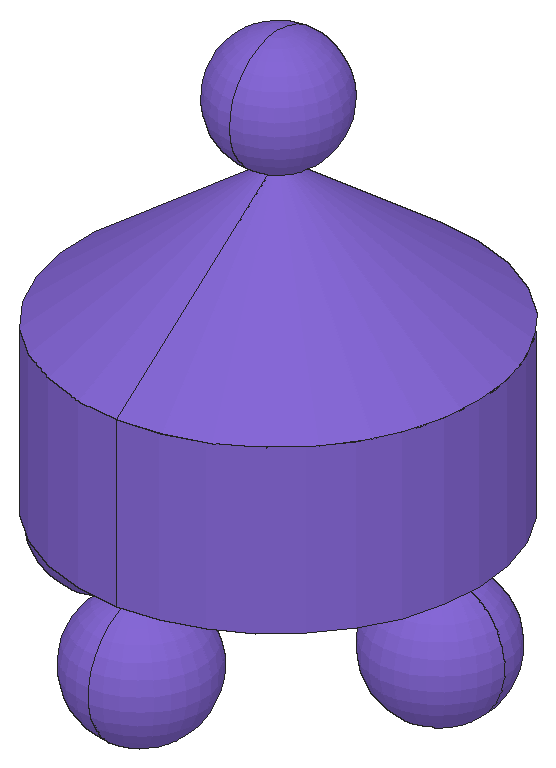
Revit family
Reference planes
  plane 1 "중심(앞/뒤)": y = 0
  plane 2: z = 0
  plane 3 "중심(왼쪽/오른쪽)": x = 0
Forms (mm)
  Revolve 1, solid, material "경계 롤러"
    sketch origin (0, 0, 0) x (0, 1, 0) y (0, 0, 1)
      loop
        line (0, 38.1) -> (0, -231.064) -> (127, -231.064) -> (127, -126.038) -> (5.429, -37.711)
        arc (5.429, -37.711) -> (38.003, 2.721) -> (0, 38.1) r 38.1
      axis (0, 38.1) -> (0, -231.064)
    angle from 0 to 360
  Revolve 2, solid, material "경계 롤러"
    sketch origin (-101.6, 0, 0) x (1, 0, 0) y (0, 0, 1)
      loop
        line (203.2, -231.064) -> (203.2, -313.614)
        arc (203.2, -313.614) -> (244.475, -272.339) -> (203.2, -231.064) r 41.275
      axis (203.2, -313.614) -> (203.2, -231.064)
    angle from 0 to 360
  Revolve 3, solid, material "경계 롤러"
    sketch origin (-311.15, 0, 0) x (1, 0, 0) y (0, 0, 1)
      loop
        line (203.2, -231.064) -> (203.2, -313.614)
        arc (203.2, -313.614) -> (244.475, -272.339) -> (203.2, -231.064) r 41.275
      axis (203.2, -313.614) -> (203.2, -231.064)
    angle from 0 to 360
  Revolve 4, solid, material "경계 롤러"
    sketch origin (0, 95.25, 0) x (0, -1, 0) y (0, 0, 1)
      loop
        line (203.2, -231.064) -> (203.2, -313.614)
        arc (203.2, -313.614) -> (244.475, -272.339) -> (203.2, -231.064) r 41.275
      axis (203.2, -313.614) -> (203.2, -231.064)
    angle from 0 to 360
  Revolve 5, solid, material "경계 롤러"
    sketch origin (0, 304.8, 0) x (0, -1, 0) y (0, 0, 1)
      loop
        line (203.2, -231.064) -> (203.2, -313.614)
        arc (203.2, -313.614) -> (244.475, -272.339) -> (203.2, -231.064) r 41.275
      axis (203.2, -313.614) -> (203.2, -231.064)
    angle from 0 to 360
